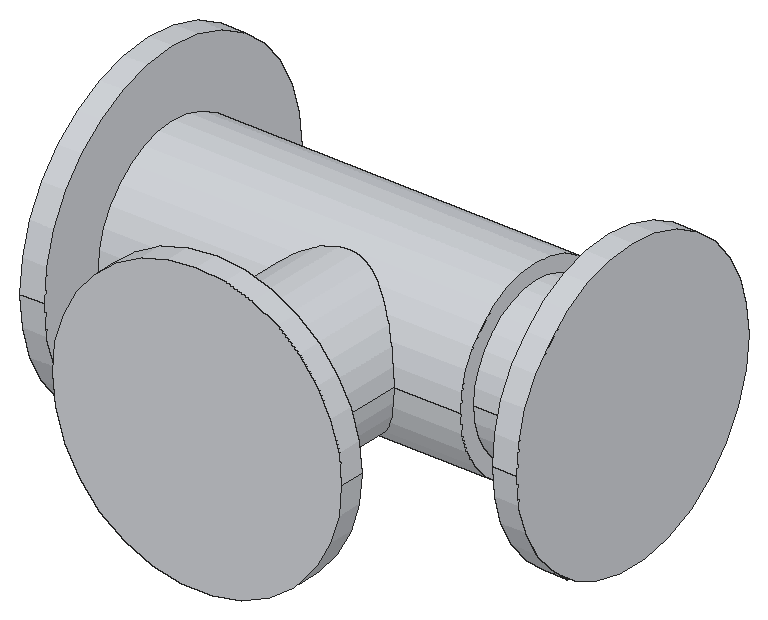
Revit family "c9fc46e3b59d46de8b1d370ade17a0a3", category Pipe Fittings, Revit 2021
Family settings
  Round Connector Dimension = Use Radius
  Part Type = Tee
  OmniClass Number = 23.60.30.11.14
  OmniClass Title = Pipework Fittings
  Seek Item ID = Tee Reducing - Flanged - GI - Class 25-0000-USA-ENU
  Work Plane-Based = No
  Always vertical = Yes
  Cut with Voids When Loaded = No
  Shared = No
Parameters (values of type "Standard")
  Outlet Length 3 [instance] = Outlet Length 2 + (Center Length 2 - Fitting Outside Radius 2) / sin(Angle)  # 6.77165"
  Loss Method = K Coefficient from Table
  Lookup Table Name = "Tee Reducing - Flanged - GI - Class 25"
  Length 8 [instance] = if(Flange Thickness 1 + Flange Thickness 2 > Run Length 2 * 2, Run Length 2, Flange Thickness 2)  # 0.74803"
  Length 7 [instance] = if(Flange Thickness 1 + Flange Thickness 2 > Run Length 2 * 2, Run Length 2, Flange Thickness 1)  # 0.74803"
  K Coefficient Table = "Flanged Tee"
  Default Elevation = 0' - 0"
  Center Length 2 [instance] = Fitting Outside Radius 2 - (Fitting Outside Radius 2 - Fitting Outside Radius 3) * sin(Angle)  # 2.44094"
  Center Length 1 [instance] = Run Length 2 - (Fitting Outside Radius 2 - Fitting Outside Radius 3) * cos(Angle)  # 7.51969"
  Tick Size 3 [instance] = Flange Diameter 3 * 0.4  # 3.6063"
  Tick Size 2 [instance] = Flange Diameter 2 * 0.4  # 3.6063"
  Tick Size 1 [instance] = Flange Diameter 1 * 0.4  # 4"
  Nominal Radius 3 [instance] = 2"
  Nominal Radius 2 [instance] = 2"
  Nominal Radius 1 [instance] = 2 1/2"
  Min Nominal Diameter 12 [instance] = if(Nominal Diameter 1 > Nominal Diameter 2, Nominal Diameter 2, Nominal Diameter 1)  # 4"
  Max Nominal Diameter 12 [instance] = if(Nominal Diameter 1 > Nominal Diameter 2, Nominal Diameter 1, Nominal Diameter 2)  # 5"
  Nominal Diameter 3 [instance] = Nominal Radius 3 * 2  # 4"
  Nominal Diameter 2 [instance] = Nominal Radius 2 * 2  # 4"
  Nominal Diameter 1 [instance] = Nominal Radius 1 * 2  # 5"
  Wall Thickness 3 [instance] = size_lookup(Lookup Table Name, "WThk", 0.018 * Nominal Diameter 3 + 21/64", Nominal Diameter 3)  # 0.43307"
  Wall Thickness 2 [instance] = size_lookup(Lookup Table Name, "WThk", 0.018 * Min Nominal Diameter 12 + 21/64", Min Nominal Diameter 12)  # 0.43307"
  Wall Thickness 1 [instance] = size_lookup(Lookup Table Name, "WThk", 0.018 * Max Nominal Diameter 12 + 21/64", Max Nominal Diameter 12)  # 0.43307"
  Max Nominal Diameter 123 [instance] = if(and(not(Nominal Diameter 1 < Nominal Diameter 2), not(Nominal Diameter 1 < Nominal Diameter 3)), Nominal Diameter 1, if(and(not(Nominal Diameter 2 < Nominal Diameter 1), not(Nominal Diameter 2 < Nominal Diameter 3)), Nominal Diameter 2, Nominal Diameter 3))  # 5"
  Outlet Length 2 [instance] = Outlet Length 1 + Fitting Outside Radius 2 - Fitting Outside Radius 3  # 6.77165"
  Length 6 [instance] = Outlet Length 1 + Fitting Outside Radius 2  # 9.2126"
  Length 5 [instance] = if(Length 2 < 0", Run Length 2 - Flange Thickness 2, if(not(Nominal Diameter 1 < Nominal Diameter 2), Run Length 3, Run Length 3))  # 4.51444"
  Length 9 [instance] = if(Length 2 > 0", Run Length 4, Run Length)  # 11.28609"
  Outlet Length 1 [instance] = if(and(not(Angle > 90.00°), Length 1 < 0"), (Max Flange Radius 12 + Flange Radius 3 * cos(Angle)) / sin(Angle), if(and(Angle > 90.00°, Length 1 < 0"), (Max Flange Radius 12 + Flange Radius 3 * cos(180.00° - Angle)) / sin(180.00° - Angle), C3 Center to Face - Flange Thickness 3))  # 6.77165"
  C3 Center to Face [instance] = if(not(Max Nominal Diameter 123 > 16"), Center to Face, if(not(Nominal Diameter 3 > Outlet Size and Smaller), Center to Face Outlet, Center to Face))  # 7.51969"
  Run Length 4 [instance] = if(or(and(Angle > 90.00°, Nominal Diameter 1 > Nominal Diameter 2), and(Angle < 90.00°, Nominal Diameter 1 < Nominal Diameter 2)), Length 4 + 2 * Length 3 / 3, Length 3 + 2 * Length 4 / 3)  # 11.28609"
  Run Length 3 [instance] = Run Length 4 - Run Length 1  # 4.51444"
  C1 Center to Face [instance] = if(not(Max Nominal Diameter 123 > 16"), Center to Face, if(not(Nominal Diameter 3 > Outlet Size and Smaller), Center to Face Run, Center to Face))  # 7.51969"
  Run Length 2 [instance] = if(and(not(Angle > 90.00°), Length 1 < 0"), Max Flange Radius 12 / tan(Angle - atan(Flange Radius 3 / Outlet Length 1)) + Flange Thickness 12, if(and(Angle > 90.00°, Length 1 < 0"), Max Flange Radius 12 / tan(180.00° - Angle - atan(Flange Radius 3 / Outlet Length 1)) + Flange Thickness 12, C1 Center to Face))  # 7.51969"
  Run Length 1 [instance] = if(and(Angle > 90.00°, Nominal Diameter 2 > Nominal Diameter 1), 2 * Length 4 / 3, if(and(Angle > 90.00°, not(Nominal Diameter 2 > Nominal Diameter 1)), Length 4, if(and(not(Angle > 90.00°), Nominal Diameter 2 > Nominal Diameter 1), 2 * Length 3 / 3, Length 3)))  # 6.77165"
  Length 1 [instance] = if(Angle < 90.00°, ((C3 Center to Face - Flange Thickness 3) / cos(Angle 3) * sin(Angle - Angle 3) - Max Flange Diameter 12 / 2), ((C3 Center to Face - Flange Thickness 3) / cos(Angle 3) * sin(180.00° - Angle - Angle 3) - Max Flange Diameter 12 / 2))  # 1.77165"
  Run Length [instance] = Run Length 2 * 2 - Flange Thickness 1 - Flange Thickness 2  # 13.54331"
  Length 4 [instance] = Run Length 2 - Flange Thickness 12  # 6.77165"
  Length 3 [instance] = if(not(Angle > 90.00°), Run Length 2 - Flange Thickness 1, Run Length 2 - Flange Thickness 2)  # 6.77165"
  Length 2 [instance] = Run Length - Run Length 4  # 2.25722"
  Flange Thickness 12 [instance] = if(not(Angle > 90.00°), Flange Thickness 2, Flange Thickness 1)  # 0.74803"
  Max Flange Thickness 12 [instance] = size_lookup(Lookup Table Name, "FThk", 0.06 * Max Nominal Diameter 12 + 149/256", Max Nominal Diameter 12)  # 0.74803"
  Max Flange Radius 12 [instance] = Max Flange Diameter 12 / 2  # 5"
  Max Flange Diameter 12 [instance] = size_lookup(Lookup Table Name, "FDia", 1.21 * Max Nominal Diameter 12 + 3 105/128", Max Nominal Diameter 12)  # 10"
  Fitting Outside Radius 3 [instance] = Fitting Outside Diameter 3 / 2  # 2.44094"
  Fitting Outside Radius 2 [instance] = Fitting Outside Diameter 2 / 2  # 2.44094"
  Fitting Outside Radius 1 [instance] = Fitting Outside Diameter 1 / 2  # 2.93307"
  Fitting Outside Diameter 3 [instance] = Fitting Inside Diameter 3 + Wall Thickness 3 * 2  # 4.88189"
  Fitting Outside Diameter 2 [instance] = Fitting Inside Diameter 2 + Wall Thickness 2 * 2  # 4.88189"
  Fitting Outside Diameter 1 [instance] = Fitting Inside Diameter 1 + Wall Thickness 1 * 2  # 5.86614"
  Fitting Inside Diameter 3 [instance] = size_lookup(Lookup Table Name, "FID", 1.02 * Nominal Diameter 3, Nominal Diameter 3)  # 4.01575"
  Fitting Inside Diameter 2 [instance] = size_lookup(Lookup Table Name, "FID", 1.02 * Min Nominal Diameter 12, Min Nominal Diameter 12)  # 4.01575"
  Fitting Inside Diameter 1 [instance] = size_lookup(Lookup Table Name, "FID", 1.02 * Max Nominal Diameter 12, Max Nominal Diameter 12)  # 5"
  Center to Face Run [instance] = size_lookup(Lookup Table Name, "CtFR", 0.5 * Max Nominal Diameter 123 + 3 79/256", Max Nominal Diameter 123)  # 0.03937"
  Flange Thickness 3 [instance] = size_lookup(Lookup Table Name, "FThk", 0.03 * Nominal Diameter 3 + 169/256", Nominal Diameter 3)  # 0.74803"
  Flange Thickness 2 [instance] = size_lookup(Lookup Table Name, "FThk", 0.03 * Nominal Diameter 2 + 169/256", Nominal Diameter 2)  # 0.74803"
  Flange Thickness 1 [instance] = size_lookup(Lookup Table Name, "FThk", 0.03 * Nominal Diameter 1 + 169/256", Nominal Diameter 1)  # 0.74803"
  Flange Radius 3 [instance] = Flange Diameter 3 / 2  # 4.50787"
  Flange Radius 2 [instance] = Flange Diameter 2 / 2  # 4.50787"
  Flange Radius 1 [instance] = Flange Diameter 1 / 2  # 5"
  Flange Diameter 3 [instance] = size_lookup(Lookup Table Name, "FDia", 1.16 * Nominal Diameter 3 + 4 11/16", Nominal Diameter 3)  # 9.01575"
  Flange Diameter 2 [instance] = size_lookup(Lookup Table Name, "FDia", 1.16 * Nominal Diameter 2 + 4 11/16", Nominal Diameter 2)  # 9.01575"
  Flange Diameter 1 [instance] = size_lookup(Lookup Table Name, "FDia", 1.16 * Nominal Diameter 1 + 4 11/16", Nominal Diameter 1)  # 10"
  Center to Face Outlet [instance] = size_lookup(Lookup Table Name, "CtFO", 0.61 * Max Nominal Diameter 123 + 4 3/4", Max Nominal Diameter 123)  # 0.03937"
  Center to Face [instance] = size_lookup(Lookup Table Name, "CtF", 0.67 * Max Nominal Diameter 123 + 4 89/256", Max Nominal Diameter 123)  # 7.51969"
  Outlet Size and Smaller [instance] = size_lookup(Lookup Table Name, "OSaS", 0.66 * Max Nominal Diameter 123 - 3/16", Max Nominal Diameter 123)  # 1"
  Angle 3 [instance] = atan(Flange Radius 3 / (C3 Center to Face - Flange Thickness 3))  # 33.6516°
  Angle [instance] = 90.00°
Reference planes (in)
  plane 1 "Center (Front/Back)": y = 0
  plane 2: z = 0
  plane 3 "Center (Left/Right)": x = 0
  plane 4: x = -7.51969
  plane 5: x = 7.51969
  plane 6: x = -6.77165
  plane 7: x = 6.77165
  plane 8: y = 0
  plane 9: x = 0
  plane 10: y = 2.44094
  plane 11: x = -6.77165
  plane 12: x = 4.51444
  plane 13: x = -6.77165
  plane 14: x = 4.51444
  plane 15: x = 6.77165
  plane 16: x = -6.77165
Forms (in)
  Extrusion 1, solid, detail levels fine
    sketch origin (0, 0, 0) x (0, 1, 0) y (0, 0, 1)
      loop
        circle (0, 0) r 2.44094
    from -6.77165 to 6.77165
  Sweep 2, solid, detail levels fine
    path in 3D
      loop
        line (-7.51969, 0, 0) -> (-6.77165, 0, 0)
    profile origin (-7.14567, 0, 0) x (0, 1, 0) y (0, 0, 1)
      loop
        circle (0, 0) r 5
  Sweep 3, solid, detail levels fine
    path in 3D
      loop
        line (6.77165, 0, 0) -> (7.51969, 0, 0)
    profile origin (7.14567, 0, 0) x (0, 1, 0) y (0, 0, 1)
      loop
        circle (0, 0) r 4.50787
  Sweep 4, solid, detail levels fine
    path in 3D
      loop
        line (0, -6.77165, 0) -> (0, -7.51969, 0)
    profile origin (0, -7.14567, 0) x (1, 0, 0) y (0, 0, 1)
      loop
        circle (0, 0) r 4.50787
  Extrusion 5, solid, detail levels fine
    sketch origin (0, 0, 0) x (0, 1, 0) y (0, 0, 1)
      loop
        circle (0, 0) r 2.93307
    from -6.77165 to 4.51444
  Revolve 6, solid, detail levels fine
    sketch origin (0, 0, 0) x (0, -1, 0) y (1, 0, 0)
      loop
        line (-2.44094, 0) -> (6.77165, 0) -> (6.77165, 2.44094) -> (0, 2.44094)
        arc (0, 2.44094) -> (-1.72601, 1.72601) -> (-2.44094, 0) r 2.44094
      axis (6.77165, 0) -> (-2.44094, 0)
    angle from 0 to 360
Cuts and joins
  joined: Extrusion 1, Sweep 2, Sweep 3, Sweep 4, Extrusion 5, Revolve 6
Lines and regions (in)
  reference lines
    curve 1: line (-7.51969, 0, 0) -> (-6.77165, 0, 0)
    curve 2: line (6.77165, 0, 0) -> (7.51969, 0, 0)
    curve 5: line (0, 0, 0) -> (0, -6.77165, 0)
    curve 6: line (0, -6.77165, 0) -> (0, -7.51969, 0)
    curve 8: line (0, -7.51969, 0) -> (0, -6.77165, 0)
    curve 9: line (-7.51969, 0, 0) -> (-6.77165, 0, 0)
    curve 10: line (6.77165, 0, 0) -> (7.51969, 0, 0)
    curve 16: line (0, 0, 0) -> (0, -6.77165, 0)
    curve 17: line (0, 0, 0) -> (16, 0, 0)
    curve 18: line (0, -6.77165, 0) -> (16.5, -6.77165, 0)
    curve 19: line (-0.36763, 2.44094, 0) -> (13.38237, 2.44094, 0)
    curve 20: line (2.44094, 1.77289, 0) -> (2.44094, -9.47711, 0)
    curve 21: line (-2.24136, 2.44094, 0) -> (5.28494, 2.44094, 0)
    curve 22: line (2.44094, 4.60567, 0) -> (2.44094, -9.47711, 0)
  sketch lines
    curve 3: line (-7.51969, 0, 0) -> (-6.77165, 0, 0)
    curve 4: line (6.77165, 0, 0) -> (7.51969, 0, 0)
    curve 7: line (0, -6.77165, 0) -> (0, -7.51969, 0)
  model lines, detail levels coarse+medium
    curve 11: line (-7.51969, 4, 0) -> (-7.51969, -4, 0)
    curve 12: line (-7.51969, 0, 0) -> (7.51969, 0, 0)
    curve 13: line (0, 0, 0) -> (0, -7.51969, 0)
    curve 14: line (-3.6063, -7.51969, 0) -> (3.6063, -7.51969, 0)
    curve 15: line (7.51969, 3.6063, 0) -> (7.51969, -3.6063, 0)
Dimensions and locks (in)
  equal spacing: plane 4, plane 3 "Center (Left/Right)", plane 5
  "Run Length 2": plane 3 "Center (Left/Right)" to plane 5
  "Flange Thickness 1": plane 4 to plane 6
  "Flange Thickness 2": plane 7 to plane 5
  "Center Length 1": plane 4 to plane 9
  "Fitting Outside Radius 2": plane 1 "Center (Front/Back)" to plane 10
  "Center Length 2": plane 8 to plane 10
  "Outlet Length 2": curve 5 to curve 5
  "Flange Thickness 3": curve 6 to curve 6
  "Run Length 4": plane 11 to plane 12
  "Run Length 3": plane 3 "Center (Left/Right)" to plane 12
  "Length 9": plane 13 to plane 14
  "Length 5": plane 3 "Center (Left/Right)" to plane 14
  locked: curve 8 to curve 8 at 0.74803
  "Length 7": plane 4 to plane 16
  "Length 8": plane 15 to plane 5
  equal spacing: curve 11, plane 1 "Center (Front/Back)", curve 11
  "Tick Size 1": plane 1 "Center (Front/Back)" to curve 11
  equal spacing: curve 14, curve 5, curve 14
  "Tick Size 3": curve 14 to curve 5
  equal spacing: curve 15, plane 1 "Center (Front/Back)", curve 15
  "Tick Size 2": plane 1 "Center (Front/Back)" to curve 15
  "Outlet Length 3": curve 16 to curve 16
  "Fitting Outside Radius 3": curve 17 to curve 19
  "Fitting Outside Radius 3": curve 16 to curve 20
  "Fitting Outside Radius 2": radius of Extrusion 1 sketch curve
  "Flange Radius 1": radius of Sweep 2 sketch curve
  "Flange Radius 2": radius of Sweep 3 sketch curve
  "Flange Radius 3": radius of Sweep 4 sketch curve
  "Fitting Outside Radius 1": radius of Extrusion 5 sketch curve
  "Fitting Outside Radius 3": radius of Revolve 6 sketch curve
  "Angle": angle curve 5 to plane 1 "Center (Front/Back)"
  "Angle": angle curve 6 to plane 1 "Center (Front/Back)"
  "Angle": angle curve 8 to plane 1 "Center (Front/Back)"
  "Angle": angle curve 13 to plane 1 "Center (Front/Back)"
  "Angle": angle curve 16 to plane 1 "Center (Front/Back)"
  locked: Revolve 6 sketch curve to Revolve 6 sketch curve (angle 90.00°)
  locked: curve 16 to curve 17 (angle 90.00°)
  locked: curve 18 to curve 16 (angle 90.00°)
  aligned and locked: plane 1 "Center (Front/Back)" to Extrusion 1 sketch curve
  aligned and locked: plane 2 to Extrusion 1 sketch curve
  aligned and locked: Extrusion 1 to plane 6
  aligned and locked: plane 7 to Extrusion 1
  aligned and locked: plane 4 to curve 1
  aligned and locked: plane 6 to curve 1
  aligned and locked: plane 7 to curve 2
  aligned and locked: plane 5 to curve 2
  aligned and locked: plane 1 "Center (Front/Back)" to curve 2
  aligned and locked: plane 1 "Center (Front/Back)" to curve 1
  aligned and locked: profile plane to Sweep 2 sketch curve  (x2)
  aligned and locked: profile plane to Sweep 3 sketch curve  (x2)
  aligned and locked: plane 8 to curve 5
  aligned and locked: plane 9 to curve 5
  aligned and locked: profile plane to Sweep 4 sketch curve  (x2)
  aligned and locked: plane 2 to Extrusion 5 sketch curve
  aligned and locked: plane 1 "Center (Front/Back)" to Extrusion 5 sketch curve
  aligned and locked: plane 12 to Extrusion 5
  aligned and locked: Extrusion 5 to plane 11
  aligned and locked: plane 4 to curve 9
  aligned and locked: plane 16 to curve 9
  aligned and locked: plane 1 "Center (Front/Back)" to curve 9
  aligned and locked: plane 15 to curve 10
  aligned and locked: plane 5 to curve 10
  aligned and locked: plane 1 "Center (Front/Back)" to curve 10
  aligned and locked: plane 4 to curve 12
  aligned and locked: plane 1 "Center (Front/Back)" to curve 13
  aligned and locked: plane 3 "Center (Left/Right)" to curve 13
  aligned and locked: Sweep 4 to curve 14
  aligned and locked: plane 5 to curve 12
  aligned and locked: curve 15 to plane 5
  aligned and locked: curve 11 to plane 4
  aligned and locked: plane 3 "Center (Left/Right)" to curve 16
  aligned and locked: plane 1 "Center (Front/Back)" to curve 16
  aligned and locked: plane 1 "Center (Front/Back)" to Revolve 6 sketch curve
  aligned and locked: Revolve 6 sketch curve to curve 16  (x2)
  aligned and locked: curve 18 to Revolve 6 sketch curve
  aligned and locked: curve 20 to Revolve 6 sketch curve  (x2)
  aligned and locked: curve 16 to Revolve 6 sketch curve
  aligned and locked: Revolve 6 sketch curve to curve 18
Automatic sketch dimensions
  Revolve 6 sketch curve to Revolve 6 sketch curve = 0' - 2.78937"
  curve 16 to Revolve 6 sketch curve = 0' - 2.49803"
  curve 17 to curve 16 = 0' - 0"  (x2)
  curve 16 to curve 18 = 0' - 0"
  curve 18 to curve 16 = 0' - 0"
  curve 22 to curve 21 = 0' - 2.16473"
  curve 20 to curve 16 = 0' - 1.77289"
  curve 16 to curve 22 = 0' - 2.70546"
  curve 16 to curve 20 = 0' - 2.70546"
  curve 16 to curve 19 = 0' - 0.36763"
  curve 16 to curve 21 = 0' - 2.24136"
  curve 22 to curve 21 = 0' - 2.844"
  curve 16 to curve 19 = 1' - 1.38237"
  curve 21 to curve 16 = 0' - 2.44094"
  curve 22 to curve 16 = 0' - 2.44094"
Connectors (in)
  piping at (-7.51969, 0, 0), diameter 5, driven by "Nominal Radius 1"
    settings: on Sweep 2, index 1, connector inside diameter 5", connector length 0' - 0", flow factor 0, pipe flow 0 GPM, pressure drop 0.00 psi, fitting loss kfactor 0, connector angle 0.00°, fixture units 0, engagement length 0' - 0", angle of deflection 0.00°, flow configuration 0, flow direction 0, fitting loss method 0, system type 28, joint type 0, gender type 0, connector reference index 2, connector utility 0, adjustable connector no, is connector primary yes, connector description ""
  piping at (7.51969, 0, 0), diameter 4, driven by "Nominal Radius 2"
    settings: on Sweep 3, index 2, connector inside diameter 4", connector length 0' - 0", flow factor 0, pipe flow 0 GPM, pressure drop 0.00 psi, fitting loss kfactor 0, connector angle 0.00°, fixture units 0, engagement length 0' - 0", angle of deflection 0.00°, flow configuration 0, flow direction 0, fitting loss method 0, system type 28, joint type 0, gender type 0, connector reference index 1, connector utility 0, adjustable connector no, is connector primary no, connector description ""
  piping at (0, -7.51969, 0), diameter 4, driven by "Nominal Radius 3", driven by "Angle"
    settings: on Sweep 4, index 3, connector inside diameter 4", connector length 0' - 0", flow factor 0, pipe flow 0 GPM, pressure drop 0.00 psi, fitting loss kfactor 0, connector angle 90.00°, fixture units 0, engagement length 0' - 0", angle of deflection 0.00°, flow configuration 0, flow direction 0, fitting loss method 0, system type 28, joint type 0, gender type 0, connector reference index -1, connector utility 0, adjustable connector no, is connector primary no, connector description ""
